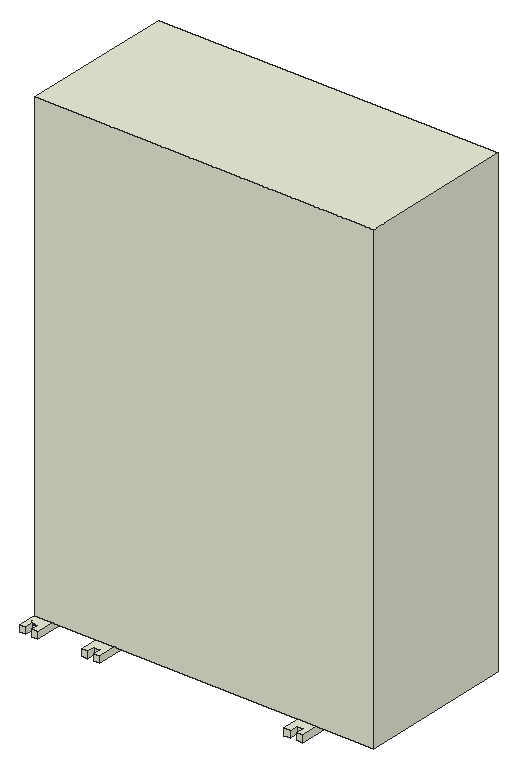
Revit family "Midea_VRF_Outdoor_Vi_MDVT-V280(335)WDGN1(50_60Hz)", category Mechanical Equipment, Revit 2013
Parameters (values of type "MDVT-V335W/DGN1")
  clearance access right = 300.000 mm
  clearance access left = 600.000 mm
  clearance access front = 300.000 mm
  clearance access behind = 300.000 mm
  clearance [instance] = no
  Width = 1120.000 mm
  URL = ""
  Series = "VRF"
  Power supply = "380-415V 3N~50Hz/60Hz"
  Net Weight = 157.00 kg
  Model = "MDVT-V335W/DGN1"
  Manufacturer = "Midea"
  Machine material = Galvanized Steel
  Liquid pipe Radius = 0.5 * Liquid pipe  # 6.350 mm
  Gas pipe Radius = 0.5 * Gas pipe  # 12.700 mm
  Casing color = SB2014
  MFA (Maximum Fuse Amps) = 32 A
  Liquid pipe = 12.700 mm
  Installation = "outdoor installation"
  Height = 1558.000 mm
  Heating Power Input = 9.2 kW
  Heating Capacity = 37.5 kW
  Gas pipe = 25.400 mm
  MCA (Minimum Circuit Amps) = 26.4 A
  Gas = "R410a"
  Description = "High efficiency air cooled"
  Depth = 528.000 mm
  Cooling Power Input = 9.2 kW
  Cooling Capacity = 33.5 kW
  Condensation = "air"
  Compressor = "1"
  Air Flow = 11300.000 m³/h
Reference planes
  plane 1 "中心(前/后)": y = 0
  plane 2: z = 0
  plane 3: x = -222
  plane 4: z = 1558
  plane 5: y = -200
  plane 6: y = 214
  plane 7: x = -599.5
Forms (mm)
  Extrusion 1, solid, material "Galvanized Steel" <- "Machine material", detail levels medium+fine
    sketch origin (0, 8.2, 0) x (1, 0, 0) y (0, 1, 0)
      loop
        line (-599.5, 0) -> (-599.5, -322.2) -> (520.5, -322.2) -> (520.5, 191.8) -> (-599.5, 191.8) -> (-599.5, 0)
    from 22 to 1558
  Extrusion 2, void
    sketch origin (0, 0, 116.036) x (0, 1, 0) y (0, 0, 1)
      loop
        circle (-159.19, 448.964) r 15
    from -294.069 to -246.534
  Extrusion 3, void
    sketch origin (0, 334.19, 121.386) x (0, 1, 0) y (0, 0, 1)
      loop
        circle (-173.453, 443.614) r 15
    from -391.559 to -333.913
  Extrusion 4, void
    sketch origin (0, 0, 140) x (-1, 0, 0) y (0, -1, 0)
      loop
        line (584.5, -171.443) -> (584.5, 181.377) -> (-491.5, 181.377) -> (-491.5, -171.443) -> (584.5, -171.443)
    from -105.206 to 1389
  Extrusion 5, solid, material "Galvanized Steel" <- "Machine material", detail levels medium+fine
    sketch origin (-868.7, -45.795, 165.026) x (0, 0, 1) y (-1, 0, 0)
      loop
        line (-143.026, -475) -> (-165.026, -475) -> (-165.026, -535) -> (-143.026, -535) -> (-143.026, -475)
    from -309.795 to 328.205
  Extrusion 6, void
    sketch origin (-868.7, 0, 0) x (0, 1, 0) y (1, 0, 0)
      loop
        line (270, 495) -> (270, 515) -> (247, 515) -> (247, 495) -> (270, 495)
    from -44.461 to 34
  Extrusion 7, void
    sketch origin (-868.7, 0, 0) x (0, 1, 0) y (1, 0, 0)
      loop
        line (-395, 495) -> (-349, 495) -> (-349, 515) -> (-395, 515) -> (-395, 495)
    from -44.461 to 34
  Extrusion 8, solid, material "Galvanized Steel" <- "Machine material", detail levels fine
    sketch origin (4267.2, 225, 1530.88) x (0, 0, -1) y (-1, 0, 0)
      loop
        line (627.963, 4348.7) -> (28.88, 4348.7) -> (28.88, 3775.7) -> (627.963, 3775.7) -> (627.963, 4348.7)
    from -25 to -11
  Extrusion 9, solid, material "Galvanized Steel" <- "Machine material", detail levels medium+fine
    sketch origin (-1074.5, -45.795, 165.026) x (0, 0, 1) y (-1, 0, 0)
      loop
        line (-143.026, -475) -> (-165.026, -475) -> (-165.026, -535) -> (-143.026, -535) -> (-143.026, -475)
    from -309.795 to 328.205
  Extrusion 10, void
    sketch origin (-1074.5, 0, 0) x (0, 1, 0) y (1, 0, 0)
      loop
        line (270, 495) -> (270, 515) -> (247, 515) -> (247, 495) -> (270, 495)
    from -44.461 to 34
  Extrusion 11, void
    sketch origin (-1074.5, 0, 0) x (0, 1, 0) y (1, 0, 0)
      loop
        line (-374, 495) -> (-349, 495) -> (-349, 515) -> (-374, 515) -> (-374, 495)
    from -44.461 to 34
  Extrusion 12, solid, material "SB2014" <- "Casing color", detail levels fine
    sketch origin (4267.2, 225, 141.12) x (0, 0, 1) y (1, 0, 0)
      loop
        line (1360.88, -4402.2) -> (-77.12, -4402.2) -> (-77.12, -4630.9) -> (72.88, -4630.9) -> (72.88, -4831.92) -> (1360.88, -4831.92) -> (1360.88, -4402.2)
    from -25 to -11
  Extrusion 13, void
    sketch origin (121.179, 250, 1200) x (-1, 0, 0) y (0, 0, 1)
      loop
        line (515.593, -452.375) -> (515.593, -517.121) -> (630.338, -517.121) -> (630.338, -452.375) -> (515.593, -452.375)
    from -50 to 88.894
  Extrusion 14, solid, material "Galvanized Steel" <- "Machine material", detail levels medium+fine
    sketch origin (809.3, -45.795, 165.026) x (0, 0, 1) y (-1, 0, 0)
      loop
        line (-143.026, 475) -> (-143.026, 535) -> (-165.026, 535) -> (-165.026, 475) -> (-143.026, 475)
    from -309.795 to 328.205
  Extrusion 15, void
    sketch origin (4621.5, -270, 989.604) x (0, 0, -1) y (-1, 0, 0)
      loop
        line (967.604, 4327.2) -> (967.604, 4307.2) -> (989.604, 4307.2) -> (989.604, 4327.2) -> (967.604, 4327.2)
    from -113.877 to -79
  Extrusion 16, void
    sketch origin (4252.7, -270, 989.604) x (0, 0, -1) y (-1, 0, 0)
      loop
        line (971.341, 4842.2) -> (971.341, 4802.2) -> (986.127, 4802.2) -> (986.127, 4842.2) -> (971.341, 4842.2)
    from -79 to 683.68
  Extrusion 17, void
    sketch origin (4621.5, -270, 989.604) x (0, 0, -1) y (-1, 0, 0)
      loop
        line (971.341, 4337.2) -> (971.341, 4297.2) -> (986.127, 4297.2) -> (986.127, 4337.2) -> (971.341, 4337.2)
    from 0 to 564.972
  Extrusion 18, void
    sketch origin (3398.5, -270, 989.604) x (0, 0, -1) y (-1, 0, 0)
      loop
        line (971.341, 3782.2) -> (971.341, 3742.2) -> (986.127, 3742.2) -> (986.127, 3782.2) -> (971.341, 3782.2)
    from 0 to 586.895
  Extrusion 19, solid, material "Galvanized Steel" <- "Machine material", detail levels fine
    sketch origin (4267.2, 225, 68.62) x (0, 0, 1) y (1, 0, 0)
      loop
        line (627.963, -4348.7) -> (627.963, -3775.7) -> (28.88, -3775.7) -> (28.88, -4348.7) -> (627.963, -4348.7)
    from -25 to -11
  Extrusion 20, void
    sketch origin (4621.5, 270, 989.604) x (0, 0, -1) y (1, 0, 0)
      loop
        line (967.604, -4327.2) -> (989.604, -4327.2) -> (989.604, -4307.2) -> (967.604, -4307.2) -> (967.604, -4327.2)
    from -33.404 to 23
  Extrusion 21, void
    sketch origin (0, -200, 22) x (0, 0, -1) y (-1, 0, 0)
      loop
        line (-725.625, 394.414) -> (-660.879, 394.414) -> (-660.879, 509.159) -> (-725.625, 509.159) -> (-725.625, 394.414)
    from -64 to 18.623
  Extrusion 22, solid, detail levels medium+fine
    sketch origin (-599.5, 0, 1558) x (0, 0, -1) y (0, 1, 0)
      loop
        circle (1398.461, -40) r 4.765
    from 0 to 34
  Extrusion 23, solid, detail levels medium+fine
    sketch origin (-599.5, 0, 1558) x (0, 0, -1) y (0, 1, 0)
      loop
        circle (1447.985, -40) r 9.55
    from 0 to 34
  Extrusion 24, solid, detail levels medium+fine
    sketch origin (-599.5, 41.781, 1607.793) x (0, 0, -1) y (0, 1, 0)
      loop
        circle (1447.985, -40) r 9.55
    from 0 to 34
Cuts and joins
  Extrusion 2, Extrusion 3, Extrusion 4, Extrusion 21 cuts Extrusion 1
  Extrusion 6, Extrusion 7, Extrusion 10, Extrusion 18 cuts Extrusion 5
  Extrusion 10, Extrusion 11, Extrusion 16 cuts Extrusion 9
  Extrusion 13 cuts Extrusion 12
  Extrusion 15, Extrusion 17, Extrusion 20 cuts Extrusion 14
Lines and regions (mm)
  symbolic lines, not visible
    curve 1: line (751.5, -283.6, 140) -> (631.5, -283.6, 140)
    curve 2: line (631.5, -283.6, 140) -> (631.5, -263.6, 140)
    curve 3: line (631.5, -263.6, 140) -> (589.074, -306.026, 140)
    curve 4: line (751.5, -328.453, 140) -> (631.5, -328.453, 140)
    curve 5: line (631.5, -328.453, 140) -> (631.5, -348.453, 140)
    curve 6: line (631.5, -348.453, 140) -> (589.074, -306.026, 140)
    curve 7: line (751.5, -283.6, 140) -> (751.5, -328.453, 140)
  model lines, detail levels fine
    curve 8: line (-599.5, 0, 518.191) -> (-599.5, 80, 518.191)
    curve 9: line (-599.5, 80, 518.191) -> (-599.5, 80, 218.191)
    curve 10: line (-599.5, 80, 218.191) -> (-599.5, -80, 218.191)
    curve 11: line (-599.5, -80, 218.191) -> (-599.5, -80, 518.191)
    curve 12: line (-599.5, -80, 518.191) -> (-599.5, 0, 518.191)
    curve 13: line (-599.5, -80, 498.191) -> (-599.5, 80, 498.191)
    curve 14: line (-599.5, -80, 478.191) -> (-599.5, 80, 478.191)
    curve 15: line (-599.5, -80, 458.191) -> (-599.5, 80, 458.191)
    curve 16: line (-599.5, -80, 438.191) -> (-599.5, 80, 438.191)
    curve 17: line (-599.5, -80, 418.191) -> (-599.5, 80, 418.191)
    curve 18: line (-599.5, -80, 398.191) -> (-599.5, 80, 398.191)
    curve 19: line (-599.5, -80, 378.191) -> (-599.5, 80, 378.191)
    curve 20: line (-599.5, -80, 358.191) -> (-599.5, 80, 358.191)
    curve 21: line (-599.5, -80, 338.191) -> (-599.5, 80, 338.191)
    curve 22: line (-599.5, -80, 318.191) -> (-599.5, 80, 318.191)
    curve 23: line (-599.5, -80, 298.191) -> (-599.5, 80, 298.191)
    curve 24: line (-599.5, -80, 278.191) -> (-599.5, 80, 278.191)
    curve 25: line (-599.5, -80, 258.191) -> (-599.5, 80, 258.191)
    curve 26: line (-599.5, -80, 238.191) -> (-599.5, 80, 238.191)
    curve 27: line (-599.5, -80, 218.191) -> (-599.5, 80, 218.191)
    curve 28: line (-599.5, 150.011, 180) -> (-599.5, 150.011, 64)
    curve 29: line (-599.5, 80, 180) -> (-599.5, 150.011, 180)
    curve 30: line (-599.5, 80, 64) -> (-599.5, 80, 180)
    curve 31: line (-599.5, 150.011, 64) -> (-599.5, 80, 64)
    curve 33: line (-438.5, 214, 1119.013) -> (-238.035, 214, 1003.275)
    curve 34: line (-455, 214, 1090.434) -> (-254.535, 214, 974.696)
    curve 35: arc (-455, 214, 1090.434) -> (-461.039, 214, 1112.974) -> (-438.5, 214, 1119.013) r 16.5
    curve 36: arc (-254.535, 214, 974.696) -> (-243.488, 214, 972.724) -> (-233.734, 214, 978.275) r 16.5
    curve 37: line (-233.734, 214, 978.275) -> (-194.247, 214, 955.477)
    curve 38: arc (-230.734, 214, 983.471) -> (-230.804, 214, 994.693) -> (-238.035, 214, 1003.275) r 16.5
    curve 39: line (-230.734, 214, 983.471) -> (-189.216, 214, 959.5)
    curve 40: circle (205, 214, 397) r 60 normal (0, -1, 0)
    curve 41: circle (205, 214, 397) r 80 normal (0, -1, 0)
    curve 42: circle (205, 214, 397) r 100 normal (0, -1, 0)
    curve 43: circle (205, 214, 397) r 120 normal (0, -1, 0)
    curve 44: circle (205, 214, 397) r 140 normal (0, -1, 0)
    curve 45: circle (205, 214, 397) r 160 normal (0, -1, 0)
    curve 46: circle (205, 214, 397) r 180 normal (0, -1, 0)
    curve 47: circle (205, 214, 397) r 200 normal (0, -1, 0)
    curve 48: circle (205, 214, 397) r 220 normal (0, -1, 0)
    curve 49: circle (205, 214, 397) r 240 normal (0, -1, 0)
    curve 50: circle (205, 214, 397) r 260 normal (0, -1, 0)
    curve 51: arc (271.982, 214, 125.13) -> (389.888, 214, 186.723) -> (466.063, 214, 295.777) r 280
    curve 52: arc (409.173, 214, 125.13) -> (439.478, 214, 150.789) -> (466.585, 214, 179.806) r 340
    curve 53: arc (156.323, 214, 432.079) -> (97.265, 214, 543.042) -> (113.864, 214, 667.641) r 205.533
    curve 54: arc (209.932, 214, 456.797) -> (249.977, 214, 572.528) -> (326.048, 214, 668.5) r 365
    curve 55: arc (240.079, 214, 445.677) -> (345.721, 214, 503.703) -> (465.73, 214, 492.524) r 205.533
    curve 56: arc (264.797, 214, 392.068) -> (374.078, 214, 355.477) -> (466.504, 214, 286.638) r 365
    curve 57: arc (169.921, 214, 348.323) -> (62.005, 214, 289.838) -> (-60, 214, 303.29) r 205.533
    curve 58: arc (145.203, 214, 401.932) -> (33.502, 214, 439.799) -> (-60.292, 214, 511.31) r 365
    curve 59: arc (332.623, 214, 125.5) -> (409.353, 214, 177.364) -> (466.607, 214, 250.161) r 300
    curve 60: arc (-60.433, 214, 184.526) -> (-31.461, 214, 152.692) -> (1.301, 214, 124.774) r 340
    curve 61: arc (-60.381, 214, 218.191) -> (-17.011, 214, 166.542) -> (36.22, 214, 125.13) r 320
    curve 62: arc (-60, 214, 256.376) -> (-3.218, 214, 181.025) -> (74.16, 214, 127.035) r 300
    curve 63: arc (0.335, 214, 668.5) -> (-31.296, 214, 641.467) -> (-59.388, 214, 610.773) r 340
    curve 64: arc (35.625, 214, 668.5) -> (-17.018, 214, 627.451) -> (-60, 214, 576.374) r 320
    curve 65: arc (77.377, 214, 668.5) -> (-1.638, 214, 614.487) -> (-59.62, 214, 538.338) r 300
    curve 66: arc (136.533, 214, 668.5) -> (14.771, 214, 602.458) -> (-60.434, 214, 486.132) r 280
    curve 67: arc (465.164, 214, 615.894) -> (438.898, 214, 643.762) -> (409.665, 214, 668.5) r 340
    curve 68: arc (466.063, 214, 582.057) -> (424.516, 214, 629.836) -> (374.375, 214, 668.5) r 320
    curve 69: arc (466.063, 214, 544.804) -> (408.947, 214, 617.013) -> (332.623, 214, 668.5) r 300
    curve 70: arc (466.063, 214, 498.223) -> (390.462, 214, 606.771) -> (273.467, 214, 668.5) r 280
    curve 71: arc (-60, 214, 306.584) -> (15.832, 214, 190.565) -> (138.018, 214, 125.13) r 280
    curve 72: arc (200.068, 214, 337.203) -> (160.117, 214, 221.642) -> (84.241, 214, 125.76) r 365
    curve 73: line (466.063, 214, 125.13) -> (-60, 214, 125.13)
    curve 74: line (-60, 214, 125.13) -> (-60, 214, 668.5)
    curve 75: arc (384.26, 214, 131.923) -> (428.767, 214, 168.246) -> (466.063, 214, 211.943) r 320
    curve 76: line (466.063, 214, 125.13) -> (466.063, 214, 668.5)
    curve 77: line (466.063, 214, 668.5) -> (-60, 214, 668.5)
    curve 78: arc (234.916, 214, 344.99) -> (292.286, 214, 242.391) -> (284.044, 214, 125.13) r 205.533
    curve 79: circle (205, 214, 1199.791) r 60 normal (0, 1, 0)
    curve 80: circle (205, 214, 1199.791) r 80 normal (0, 1, 0)
    curve 81: circle (205, 214, 1199.791) r 100 normal (0, 1, 0)
    curve 82: circle (205, 214, 1199.791) r 120 normal (0, 1, 0)
    curve 83: circle (205, 214, 1199.791) r 140 normal (0, 1, 0)
    curve 84: circle (205, 214, 1199.791) r 160 normal (0, 1, 0)
    curve 85: circle (205, 214, 1199.791) r 180 normal (0, 1, 0)
    curve 86: circle (205, 214, 1199.791) r 200 normal (0, 1, 0)
    curve 87: circle (205, 214, 1199.791) r 220 normal (0, 1, 0)
    curve 88: circle (205, 214, 1199.791) r 240 normal (0, 1, 0)
    curve 89: circle (205, 214, 1199.791) r 260 normal (0, 1, 0)
    curve 90: arc (271.982, 214, 1471.661) -> (389.888, 214, 1410.068) -> (466.063, 214, 1301.014) r 280
    curve 91: arc (409.173, 214, 1471.661) -> (439.478, 214, 1446.002) -> (466.585, 214, 1416.985) r 340
    curve 92: arc (156.323, 214, 1164.712) -> (97.265, 214, 1053.749) -> (113.864, 214, 929.15) r 205.533
    curve 93: arc (209.932, 214, 1139.994) -> (249.977, 214, 1024.263) -> (326.048, 214, 928.291) r 365
    curve 94: arc (240.079, 214, 1151.114) -> (345.721, 214, 1093.088) -> (465.73, 214, 1104.267) r 205.533
    curve 95: arc (264.797, 214, 1204.722) -> (374.078, 214, 1241.314) -> (466.504, 214, 1310.153) r 365
    curve 96: arc (169.921, 214, 1248.468) -> (62.005, 214, 1306.953) -> (-60, 214, 1293.501) r 205.533
    curve 97: arc (145.203, 214, 1194.859) -> (33.502, 214, 1156.992) -> (-60.292, 214, 1085.481) r 365
    curve 98: arc (332.623, 214, 1471.291) -> (409.353, 214, 1419.426) -> (466.607, 214, 1346.63) r 300
    curve 99: arc (-60.433, 214, 1412.265) -> (-31.461, 214, 1444.099) -> (1.301, 214, 1472.017) r 340
    curve 100: arc (-60.381, 214, 1378.6) -> (-17.011, 214, 1430.249) -> (36.22, 214, 1471.661) r 320
    curve 101: arc (-60, 214, 1340.415) -> (-3.218, 214, 1415.766) -> (74.16, 214, 1469.756) r 300
    curve 102: arc (0.335, 214, 928.291) -> (-31.296, 214, 955.324) -> (-59.388, 214, 986.018) r 340
    curve 103: arc (35.625, 214, 928.291) -> (-17.018, 214, 969.339) -> (-60, 214, 1020.417) r 320
    curve 104: arc (77.377, 214, 928.291) -> (-1.638, 214, 982.304) -> (-59.62, 214, 1058.453) r 300
    curve 105: arc (136.533, 214, 928.291) -> (14.771, 214, 994.333) -> (-60.434, 214, 1110.659) r 280
    curve 106: arc (465.164, 214, 980.897) -> (438.898, 214, 953.029) -> (409.665, 214, 928.291) r 340
    curve 107: arc (466.063, 214, 1014.734) -> (424.516, 214, 966.955) -> (374.375, 214, 928.291) r 320
    curve 108: arc (466.063, 214, 1051.987) -> (408.947, 214, 979.778) -> (332.623, 214, 928.291) r 300
    curve 109: arc (466.063, 214, 1098.568) -> (390.462, 214, 990.02) -> (273.467, 214, 928.291) r 280
    curve 110: arc (-60, 214, 1290.207) -> (15.832, 214, 1406.226) -> (138.018, 214, 1471.661) r 280
    curve 111: arc (200.068, 214, 1259.588) -> (160.117, 214, 1375.149) -> (84.241, 214, 1471.031) r 365
    curve 112: line (466.063, 214, 1471.661) -> (-60, 214, 1471.661)
    curve 113: line (-60, 214, 1471.661) -> (-60, 214, 928.291)
    curve 114: arc (384.26, 214, 1464.868) -> (428.767, 214, 1428.544) -> (466.063, 214, 1384.848) r 320
    curve 115: line (466.063, 214, 1471.661) -> (466.063, 214, 928.291)
    curve 116: line (466.063, 214, 928.291) -> (-60, 214, 928.291)
    curve 117: arc (234.916, 214, 1251.801) -> (292.286, 214, 1354.4) -> (284.044, 214, 1471.661) r 205.533
    curve 118: line (491.5, 200, 843.732) -> (346.5, 200, 843.732)
    curve 119: line (491.5, 200, 755.768) -> (491.5, 200, 843.732)
    curve 120: line (346.5, 200, 755.768) -> (491.5, 200, 755.768)
    curve 121: line (346.5, 200, 843.732) -> (346.5, 200, 755.768)
    curve 122: line (287.279, 200, 817.219) -> (-81.5, 200, 817.219)
    curve 123: line (287.279, 200, 782.281) -> (287.279, 200, 817.219)
    curve 124: line (-81.5, 200, 782.281) -> (287.279, 200, 782.281)
    curve 125: line (-81.5, 200, 817.219) -> (-81.5, 200, 782.281)
    curve 126: line (-438.5, 214, 1244.013) -> (-238.035, 214, 1128.275)
    curve 127: line (-455, 214, 1215.434) -> (-254.535, 214, 1099.696)
    curve 128: arc (-455, 214, 1215.434) -> (-461.039, 214, 1237.974) -> (-438.5, 214, 1244.013) r 16.5
    curve 129: line (-438.5, 214, 1369.013) -> (-238.035, 214, 1253.275)
    curve 130: line (-455, 214, 1340.434) -> (-254.535, 214, 1224.696)
    curve 131: arc (-455, 214, 1340.434) -> (-461.039, 214, 1362.974) -> (-438.5, 214, 1369.013) r 16.5
    curve 132: arc (-238.035, 214, 1253.275) -> (-231.996, 214, 1230.735) -> (-254.535, 214, 1224.696) r 16.5
    curve 133: arc (-238.035, 214, 1128.275) -> (-231.996, 214, 1105.735) -> (-254.535, 214, 1099.696) r 16.5
    curve 134: line (-438.5, 214, 480.487) -> (-238.035, 214, 596.225)
    curve 135: line (-455, 214, 509.066) -> (-254.535, 214, 624.804)
    curve 136: arc (-455, 214, 509.066) -> (-461.039, 214, 486.526) -> (-438.5, 214, 480.487) r 16.5
    curve 137: arc (-254.535, 214, 624.804) -> (-243.488, 214, 626.776) -> (-233.734, 214, 621.225) r 16.5
    curve 138: line (-233.734, 214, 621.225) -> (-194.247, 214, 644.023)
    curve 139: arc (-230.734, 214, 616.029) -> (-230.804, 214, 604.807) -> (-238.035, 214, 596.225) r 16.5
    curve 140: line (-230.734, 214, 616.029) -> (-189.216, 214, 640)
    curve 141: line (-438.5, 214, 355.487) -> (-238.035, 214, 471.225)
    curve 142: line (-455, 214, 384.066) -> (-254.535, 214, 499.804)
    curve 143: arc (-455, 214, 384.066) -> (-461.039, 214, 361.526) -> (-438.5, 214, 355.487) r 16.5
    curve 144: line (-438.5, 214, 230.487) -> (-238.035, 214, 346.225)
    curve 145: line (-455, 214, 259.066) -> (-254.535, 214, 374.804)
    curve 146: arc (-455, 214, 259.066) -> (-461.039, 214, 236.526) -> (-438.5, 214, 230.487) r 16.5
    curve 147: arc (-238.035, 214, 346.225) -> (-231.996, 214, 368.765) -> (-254.535, 214, 374.804) r 16.5
    curve 148: arc (-238.035, 214, 471.225) -> (-231.996, 214, 493.765) -> (-254.535, 214, 499.804) r 16.5
    curve 149: line (-194.247, 214, 955.477) -> (-194.247, 214, 644.023)
    curve 150: line (-189.216, 214, 959.5) -> (-189.216, 214, 640)
    curve 151: line (-599.5, 20, 929.15) -> (-599.5, 20, 1472.017)
    curve 152: line (-599.5, -20, 1472.017) -> (-599.5, -20, 929.15)
    curve 153: line (-599.5, 80, 929.15) -> (-599.5, 80, 1472.017)
    curve 154: line (-599.5, 40, 1472.017) -> (-599.5, 40, 929.15)
    curve 155: arc (-599.5, -20, 1472.017) -> (-599.5, 0, 1492.017) -> (-599.5, 20, 1472.017) r 20
    curve 156: arc (-599.5, 40, 1472.017) -> (-599.5, 60, 1492.017) -> (-599.5, 80, 1472.017) r 20
    curve 157: arc (-599.5, 40, 929.15) -> (-599.5, 60, 909.15) -> (-599.5, 80, 929.15) r 20
    curve 158: arc (-599.5, -20, 929.15) -> (-599.5, 0, 909.15) -> (-599.5, 20, 929.15) r 20
    curve 159: line (-599.5, -80, 929.15) -> (-599.5, -80, 1472.017)
    curve 160: line (-599.5, -40, 1472.017) -> (-599.5, -40, 929.15)
    curve 161: arc (-599.5, -40, 1472.017) -> (-599.5, -60, 1492.017) -> (-599.5, -80, 1472.017) r 20
    curve 162: arc (-599.5, -40, 929.15) -> (-599.5, -60, 909.15) -> (-599.5, -80, 929.15) r 20
  reference lines
    curve 32: line (-579.5, 250, 0) -> (-579.5, 247, 0)
  model lines
    curve 163: circle (-599.5, -40, 110.015) r 12.7 normal (1, 0, 0)
    curve 164: line (520.5, 200, 1558) -> (520.5, -314, 1558)
    curve 165: line (520.5, -314, 1558) -> (-599.5, -314, 1558)
    curve 166: line (-599.5, -314, 1558) -> (-599.5, 200, 1558)
    curve 167: line (520.5, -314, 22) -> (520.5, 200, 22)
    curve 168: line (-599.5, 200, 22) -> (-599.5, -314, 22)
    curve 169: line (-599.5, -314, 22) -> (520.5, -314, 22)
    curve 170: line (-599.5, 200, 22) -> (520.5, 200, 22)
    curve 171: line (-599.5, 200, 1558) -> (520.5, 200, 1558)
    curve 172: line (-599.5, 200, 1558) -> (-599.5, 200, 22)
    curve 173: line (-599.5, -314, 22) -> (-599.5, -314, 1558)
    curve 174: line (520.5, 200, 1558) -> (520.5, 200, 22)
    curve 175: line (520.5, -314, 1558) -> (520.5, -314, 22)
Dimensions and locks
  "Width": cut or joined group of Extrusion 1, Extrusion 2, Extrusion 3, Extrusion 4, Extrusion 21 to cut or joined group of Extrusion 1, Extrusion 2, Extrusion 3, Extrusion 4, Extrusion 21
  cut or joined group of Extrusion 1, Extrusion 2, Extrusion 3, Extrusion 4, Extrusion 21 to cut or joined group of Extrusion 1, Extrusion 2, Extrusion 3, Extrusion 4, Extrusion 21 = 1120.000 mm
  plane 4 to plane 2 = 1558.000 mm
  "Height": cut or joined group of Extrusion 14, Extrusion 15, Extrusion 17, Extrusion 20 to cut or joined group of Extrusion 1, Extrusion 2, Extrusion 3, Extrusion 4, Extrusion 21
  "Depth": cut or joined group of Extrusion 1, Extrusion 2, Extrusion 3, Extrusion 4, Extrusion 21 to nested 1
  nested 1 to nested 1 = 300.000 mm
  nested 3 to nested 3 = 300.000 mm
  "clearance access left": nested 4 to cut or joined group of Extrusion 1, Extrusion 2, Extrusion 3, Extrusion 4, Extrusion 21
  "clearance access behind": nested 2 to cut or joined group of Extrusion 1, Extrusion 2, Extrusion 3, Extrusion 4, Extrusion 21
  "Gas pipe": diameter of curve 163
  diameter of Extrusion 22 = 9.530 mm
  aligned and locked: level to plane 2
Automatic sketch dimensions
  Extrusion 1 sketch curve to plane 7 = 0.000 mm
  plane 5 to Extrusion 1 sketch curve = 114.000 mm
  Extrusion 1 sketch curve to plane 1 "中心(前/后)" = 8.200 mm
  Extrusion 1 sketch curve to plane 3 = 742.500 mm
  Extrusion 2 sketch curve to plane 5 = 40.810 mm
  level to Extrusion 2 sketch curve = 565.000 mm
  level to Extrusion 3 sketch curve = 565.000 mm
  Extrusion 4 sketch curve to plane 3 = 713.500 mm
  Extrusion 4 sketch curve to plane 5 = 18.623 mm
  plane 7 to Extrusion 4 sketch curve = 15.000 mm
  Extrusion 5 sketch curve to level = 0.000 mm
  level to Extrusion 5 sketch curve = 22.000 mm
  plane 3 to Extrusion 5 sketch curve = 111.700 mm
  Extrusion 5 sketch curve to Extrusion 5 sketch curve = 60.000 mm
  Extrusion 6 sketch curve to plane 6 = 33.000 mm
  Extrusion 6 sketch curve to plane 6 = 56.000 mm
  plane 3 to Extrusion 6 sketch curve = 131.700 mm
  Extrusion 6 sketch curve to Extrusion 6 sketch curve = 20.000 mm
  plane 5 to Extrusion 7 sketch curve = 195.000 mm
  plane 3 to Extrusion 7 sketch curve = 131.700 mm
  Extrusion 7 sketch curve to Extrusion 7 sketch curve = 46.000 mm
  Extrusion 7 sketch curve to Extrusion 7 sketch curve = 20.000 mm
  plane 7 to curve 32 = 20.000 mm
  curve 32 to plane 6 = 33.000 mm
  curve 32 to curve 32 = 3.000 mm
  plane 4 to Extrusion 8 sketch curve = 56.000 mm
  Extrusion 8 sketch curve to plane 3 = 713.500 mm
  Extrusion 8 sketch curve to plane 3 = 140.500 mm
  Extrusion 8 sketch curve to Extrusion 8 sketch curve = 599.082 mm
  Extrusion 9 sketch curve to level = 0.000 mm
  plane 7 to Extrusion 9 sketch curve = 0.000 mm
  level to Extrusion 9 sketch curve = 22.000 mm
  plane 7 to Extrusion 9 sketch curve = 60.000 mm
  Extrusion 10 sketch curve to plane 6 = 33.000 mm
  plane 7 to Extrusion 10 sketch curve = 40.000 mm
  Extrusion 10 sketch curve to Extrusion 10 sketch curve = 23.000 mm
  plane 7 to Extrusion 10 sketch curve = 20.000 mm
  plane 7 to Extrusion 11 sketch curve = 20.000 mm
  plane 5 to Extrusion 11 sketch curve = 174.000 mm
  plane 7 to Extrusion 11 sketch curve = 40.000 mm
  Extrusion 11 sketch curve to Extrusion 11 sketch curve = 25.000 mm
  level to Extrusion 12 sketch curve = 64.000 mm
  plane 7 to Extrusion 12 sketch curve = 34.780 mm
  Extrusion 12 sketch curve to Extrusion 12 sketch curve = 150.000 mm
  plane 4 to Extrusion 12 sketch curve = 56.000 mm
  plane 3 to Extrusion 12 sketch curve = 141.700 mm
  Extrusion 12 sketch curve to plane 3 = 87.000 mm
  plane 3 to Extrusion 13 sketch curve = 172.414 mm
  level to Extrusion 13 sketch curve = 682.879 mm
  plane 7 to Extrusion 13 sketch curve = 90.341 mm
  Extrusion 13 sketch curve to Extrusion 13 sketch curve = 64.746 mm
  Extrusion 14 sketch curve to level = 0.000 mm
  Extrusion 14 sketch curve to plane 3 = 556.300 mm
  level to Extrusion 14 sketch curve = 22.000 mm
  Extrusion 14 sketch curve to Extrusion 14 sketch curve = 60.000 mm
  Extrusion 15 sketch curve to level = 0.000 mm
  Extrusion 15 sketch curve to level = 22.000 mm
  plane 3 to Extrusion 15 sketch curve = 516.300 mm
  Extrusion 15 sketch curve to Extrusion 15 sketch curve = 20.000 mm
  Extrusion 16 sketch curve to level = 18.263 mm
  Extrusion 16 sketch curve to level = 3.477 mm
  Extrusion 16 sketch curve to plane 7 = 10.000 mm
  Extrusion 16 sketch curve to Extrusion 16 sketch curve = 40.000 mm
  Extrusion 17 sketch curve to level = 18.263 mm
  Extrusion 17 sketch curve to level = 3.477 mm
  plane 3 to Extrusion 17 sketch curve = 506.300 mm
  Extrusion 17 sketch curve to Extrusion 17 sketch curve = 40.000 mm
  Extrusion 18 sketch curve to level = 18.263 mm
  Extrusion 18 sketch curve to level = 3.477 mm
  Extrusion 18 sketch curve to plane 3 = 161.700 mm
  Extrusion 18 sketch curve to Extrusion 18 sketch curve = 40.000 mm
  level to Extrusion 19 sketch curve = 97.500 mm
  Extrusion 19 sketch curve to plane 3 = 140.500 mm
  Extrusion 19 sketch curve to Extrusion 19 sketch curve = 599.082 mm
  Extrusion 19 sketch curve to Extrusion 19 sketch curve = 573.000 mm
  curve 8 to plane 1 "中心(前/后)" = 0.000 mm
  level to curve 8 = 518.191 mm
  plane 1 "中心(前/后)" to curve 11 = 80.000 mm
  level to curve 11 = 218.191 mm
  curve 27 to curve 29 = 38.191 mm
  level to curve 31 = 64.000 mm
  curve 8 to curve 13 = 20.000 mm
  curve 13 to curve 14 = 20.000 mm
  curve 14 to curve 15 = 20.000 mm
  curve 15 to curve 16 = 20.000 mm
  curve 16 to curve 17 = 20.000 mm
  curve 17 to curve 18 = 20.000 mm
  curve 18 to curve 19 = 20.000 mm
  curve 19 to curve 20 = 20.000 mm
  curve 20 to curve 21 = 20.000 mm
  curve 21 to curve 22 = 20.000 mm
  curve 22 to curve 23 = 20.000 mm
  curve 23 to curve 24 = 20.000 mm
  curve 24 to curve 25 = 20.000 mm
  curve 26 to curve 10 = 20.000 mm
  curve 8 to plane 1 "中心(前/后)" = 80.000 mm
  curve 30 to curve 27 = 0.000 mm
  Extrusion 20 sketch curve to level = 0.000 mm
  level to Extrusion 20 sketch curve = 22.000 mm
  Extrusion 20 sketch curve to plane 3 = 516.300 mm
  Extrusion 20 sketch curve to Extrusion 20 sketch curve = 20.000 mm
  curve 36 to curve 38 = 0.000 mm  (x2)
  curve 40 to curve 41 = 0.000 mm  (x2)
  curve 40 to curve 42 = 0.000 mm  (x2)
  curve 40 to curve 43 = 0.000 mm  (x2)
  curve 40 to curve 44 = 0.000 mm  (x2)
  curve 40 to curve 45 = 0.000 mm  (x2)
  curve 40 to curve 46 = 0.000 mm  (x2)
  curve 40 to curve 47 = 0.000 mm  (x2)
  curve 40 to curve 48 = 0.000 mm  (x2)
  curve 40 to curve 49 = 0.000 mm  (x2)
  curve 40 to curve 50 = 0.000 mm  (x2)
  curve 40 to curve 51 = 0.000 mm  (x2)
  curve 40 to curve 52 = 0.000 mm  (x2)
  curve 40 to curve 59 = 0.000 mm  (x2)
  curve 40 to curve 60 = 0.000 mm  (x2)
  curve 40 to curve 61 = 0.000 mm  (x2)
  curve 40 to curve 62 = 0.000 mm  (x2)
  curve 40 to curve 63 = 0.000 mm  (x2)
  curve 40 to curve 64 = 0.000 mm  (x2)
  curve 40 to curve 65 = 0.000 mm  (x2)
  curve 40 to curve 66 = 0.000 mm  (x2)
  curve 40 to curve 67 = 0.000 mm  (x2)
  curve 40 to curve 68 = 0.000 mm  (x2)
  curve 40 to curve 69 = 0.000 mm  (x2)
  curve 40 to curve 70 = 0.000 mm  (x2)
  curve 40 to curve 71 = 0.000 mm  (x2)
  curve 40 to curve 75 = 0.000 mm  (x2)
  curve 41 to curve 42 = 0.000 mm  (x2)
  curve 41 to curve 43 = 0.000 mm  (x2)
  curve 41 to curve 44 = 0.000 mm  (x2)
  curve 41 to curve 45 = 0.000 mm  (x2)
  curve 41 to curve 46 = 0.000 mm  (x2)
  curve 41 to curve 47 = 0.000 mm  (x2)
  curve 41 to curve 48 = 0.000 mm  (x2)
  curve 41 to curve 49 = 0.000 mm  (x2)
  curve 41 to curve 50 = 0.000 mm  (x2)
  curve 41 to curve 51 = 0.000 mm  (x2)
  curve 41 to curve 52 = 0.000 mm  (x2)
  curve 41 to curve 59 = 0.000 mm  (x2)
  curve 41 to curve 60 = 0.000 mm  (x2)
  curve 41 to curve 61 = 0.000 mm  (x2)
  curve 41 to curve 62 = 0.000 mm  (x2)
  curve 41 to curve 63 = 0.000 mm  (x2)
  curve 41 to curve 64 = 0.000 mm  (x2)
  curve 41 to curve 65 = 0.000 mm  (x2)
  curve 41 to curve 66 = 0.000 mm  (x2)
  curve 41 to curve 67 = 0.000 mm  (x2)
  curve 41 to curve 68 = 0.000 mm  (x2)
  curve 41 to curve 69 = 0.000 mm  (x2)
  curve 41 to curve 70 = 0.000 mm  (x2)
  curve 41 to curve 71 = 0.000 mm  (x2)
  curve 41 to curve 75 = 0.000 mm  (x2)
  curve 42 to curve 43 = 0.000 mm  (x2)
  curve 42 to curve 44 = 0.000 mm  (x2)
  curve 42 to curve 45 = 0.000 mm  (x2)
  curve 42 to curve 46 = 0.000 mm  (x2)
  curve 42 to curve 47 = 0.000 mm  (x2)
  curve 42 to curve 48 = 0.000 mm  (x2)
  curve 42 to curve 49 = 0.000 mm  (x2)
  curve 42 to curve 50 = 0.000 mm  (x2)
  curve 42 to curve 51 = 0.000 mm  (x2)
  curve 42 to curve 52 = 0.000 mm  (x2)
  curve 42 to curve 59 = 0.000 mm  (x2)
  curve 42 to curve 60 = 0.000 mm  (x2)
  curve 42 to curve 61 = 0.000 mm  (x2)
  curve 42 to curve 62 = 0.000 mm  (x2)
  curve 42 to curve 63 = 0.000 mm  (x2)
  curve 42 to curve 64 = 0.000 mm  (x2)
  curve 42 to curve 65 = 0.000 mm  (x2)
  curve 42 to curve 66 = 0.000 mm  (x2)
  curve 42 to curve 67 = 0.000 mm  (x2)
  curve 42 to curve 68 = 0.000 mm  (x2)
  curve 42 to curve 69 = 0.000 mm  (x2)
  curve 42 to curve 70 = 0.000 mm  (x2)
  curve 42 to curve 71 = 0.000 mm  (x2)
  curve 42 to curve 75 = 0.000 mm  (x2)
  curve 43 to curve 44 = 0.000 mm  (x2)
  curve 43 to curve 45 = 0.000 mm  (x2)
  curve 43 to curve 46 = 0.000 mm  (x2)
  curve 43 to curve 47 = 0.000 mm  (x2)
  curve 43 to curve 48 = 0.000 mm  (x2)
  curve 43 to curve 49 = 0.000 mm  (x2)
  curve 43 to curve 50 = 0.000 mm  (x2)
  curve 43 to curve 51 = 0.000 mm  (x2)
  curve 43 to curve 52 = 0.000 mm  (x2)
  curve 43 to curve 59 = 0.000 mm  (x2)
  curve 43 to curve 60 = 0.000 mm  (x2)
  curve 43 to curve 61 = 0.000 mm  (x2)
  curve 43 to curve 62 = 0.000 mm  (x2)
  curve 43 to curve 63 = 0.000 mm  (x2)
  curve 43 to curve 64 = 0.000 mm  (x2)
  curve 43 to curve 65 = 0.000 mm  (x2)
  curve 43 to curve 66 = 0.000 mm  (x2)
  curve 43 to curve 67 = 0.000 mm  (x2)
  curve 43 to curve 68 = 0.000 mm  (x2)
  curve 43 to curve 69 = 0.000 mm  (x2)
  curve 43 to curve 70 = 0.000 mm  (x2)
  curve 43 to curve 71 = 0.000 mm  (x2)
  curve 43 to curve 75 = 0.000 mm  (x2)
  curve 44 to curve 45 = 0.000 mm  (x2)
  curve 44 to curve 46 = 0.000 mm  (x2)
  curve 44 to curve 47 = 0.000 mm  (x2)
  curve 44 to curve 48 = 0.000 mm  (x2)
  curve 44 to curve 49 = 0.000 mm  (x2)
  curve 44 to curve 50 = 0.000 mm  (x2)
  curve 44 to curve 51 = 0.000 mm  (x2)
  curve 44 to curve 52 = 0.000 mm  (x2)
  curve 44 to curve 59 = 0.000 mm  (x2)
  curve 44 to curve 60 = 0.000 mm  (x2)
  curve 44 to curve 61 = 0.000 mm  (x2)
  curve 44 to curve 62 = 0.000 mm  (x2)
  curve 44 to curve 63 = 0.000 mm  (x2)
  curve 44 to curve 64 = 0.000 mm  (x2)
  curve 44 to curve 65 = 0.000 mm  (x2)
  curve 44 to curve 66 = 0.000 mm  (x2)
  curve 44 to curve 67 = 0.000 mm  (x2)
  curve 44 to curve 68 = 0.000 mm  (x2)
  curve 44 to curve 69 = 0.000 mm  (x2)
  curve 44 to curve 70 = 0.000 mm  (x2)
  curve 44 to curve 71 = 0.000 mm  (x2)
  curve 44 to curve 75 = 0.000 mm  (x2)
  curve 45 to curve 46 = 0.000 mm  (x2)
  curve 45 to curve 47 = 0.000 mm  (x2)
  curve 45 to curve 48 = 0.000 mm  (x2)
  curve 45 to curve 49 = 0.000 mm  (x2)
  curve 45 to curve 50 = 0.000 mm  (x2)
  curve 45 to curve 51 = 0.000 mm  (x2)
  curve 45 to curve 52 = 0.000 mm  (x2)
  curve 45 to curve 59 = 0.000 mm  (x2)
  curve 45 to curve 60 = 0.000 mm  (x2)
  curve 45 to curve 61 = 0.000 mm  (x2)
  curve 45 to curve 62 = 0.000 mm  (x2)
  curve 45 to curve 63 = 0.000 mm  (x2)
  curve 45 to curve 64 = 0.000 mm  (x2)
  curve 45 to curve 65 = 0.000 mm  (x2)
  curve 45 to curve 66 = 0.000 mm  (x2)
  curve 45 to curve 67 = 0.000 mm  (x2)
  curve 45 to curve 68 = 0.000 mm  (x2)
  curve 45 to curve 69 = 0.000 mm  (x2)
  curve 45 to curve 70 = 0.000 mm  (x2)
  curve 45 to curve 71 = 0.000 mm  (x2)
  curve 45 to curve 75 = 0.000 mm  (x2)
  curve 46 to curve 47 = 0.000 mm  (x2)
  curve 46 to curve 48 = 0.000 mm  (x2)
  curve 46 to curve 49 = 0.000 mm  (x2)
  curve 46 to curve 50 = 0.000 mm  (x2)
  curve 46 to curve 51 = 0.000 mm  (x2)
  curve 46 to curve 52 = 0.000 mm  (x2)
  curve 46 to curve 59 = 0.000 mm  (x2)
  curve 46 to curve 60 = 0.000 mm  (x2)
  curve 46 to curve 61 = 0.000 mm  (x2)
  curve 46 to curve 62 = 0.000 mm  (x2)
  curve 46 to curve 63 = 0.000 mm  (x2)
  curve 46 to curve 64 = 0.000 mm  (x2)
  curve 46 to curve 65 = 0.000 mm  (x2)
  curve 46 to curve 66 = 0.000 mm  (x2)
  curve 46 to curve 67 = 0.000 mm  (x2)
  curve 46 to curve 68 = 0.000 mm  (x2)
  curve 46 to curve 69 = 0.000 mm  (x2)
  curve 46 to curve 70 = 0.000 mm  (x2)
  curve 46 to curve 71 = 0.000 mm  (x2)
  curve 46 to curve 75 = 0.000 mm  (x2)
  curve 47 to curve 48 = 0.000 mm  (x2)
  curve 47 to curve 49 = 0.000 mm  (x2)
  curve 47 to curve 50 = 0.000 mm  (x2)
  curve 47 to curve 51 = 0.000 mm  (x2)
  curve 47 to curve 52 = 0.000 mm  (x2)
  curve 47 to curve 59 = 0.000 mm  (x2)
  curve 47 to curve 60 = 0.000 mm  (x2)
  curve 47 to curve 61 = 0.000 mm  (x2)
  curve 47 to curve 62 = 0.000 mm  (x2)
  curve 47 to curve 63 = 0.000 mm  (x2)
  curve 47 to curve 64 = 0.000 mm  (x2)
  curve 47 to curve 65 = 0.000 mm  (x2)
  curve 47 to curve 66 = 0.000 mm  (x2)
  curve 47 to curve 67 = 0.000 mm  (x2)
  curve 47 to curve 68 = 0.000 mm  (x2)
  curve 47 to curve 69 = 0.000 mm  (x2)
  curve 47 to curve 70 = 0.000 mm  (x2)
  curve 47 to curve 71 = 0.000 mm  (x2)
  curve 47 to curve 75 = 0.000 mm  (x2)
  curve 48 to curve 49 = 0.000 mm  (x2)
  curve 48 to curve 50 = 0.000 mm  (x2)
  curve 48 to curve 51 = 0.000 mm  (x2)
  curve 48 to curve 52 = 0.000 mm  (x2)
  curve 48 to curve 59 = 0.000 mm  (x2)
  curve 48 to curve 60 = 0.000 mm  (x2)
  curve 48 to curve 61 = 0.000 mm  (x2)
  curve 48 to curve 62 = 0.000 mm  (x2)
  curve 48 to curve 63 = 0.000 mm  (x2)
  curve 48 to curve 64 = 0.000 mm  (x2)
  curve 48 to curve 65 = 0.000 mm  (x2)
  curve 48 to curve 66 = 0.000 mm  (x2)
  curve 48 to curve 67 = 0.000 mm  (x2)
  curve 48 to curve 68 = 0.000 mm  (x2)
  curve 48 to curve 69 = 0.000 mm  (x2)
  curve 48 to curve 70 = 0.000 mm  (x2)
  curve 48 to curve 71 = 0.000 mm  (x2)
  curve 48 to curve 75 = 0.000 mm  (x2)
  curve 49 to curve 50 = 0.000 mm  (x2)
  curve 49 to curve 51 = 0.000 mm  (x2)
  curve 49 to curve 52 = 0.000 mm  (x2)
  curve 49 to curve 59 = 0.000 mm  (x2)
  curve 49 to curve 60 = 0.000 mm  (x2)
  curve 49 to curve 61 = 0.000 mm  (x2)
  curve 49 to curve 62 = 0.000 mm  (x2)
  curve 49 to curve 63 = 0.000 mm  (x2)
  curve 49 to curve 64 = 0.000 mm  (x2)
  curve 49 to curve 65 = 0.000 mm  (x2)
  curve 49 to curve 66 = 0.000 mm  (x2)
  curve 49 to curve 67 = 0.000 mm  (x2)
  curve 49 to curve 68 = 0.000 mm  (x2)
  curve 49 to curve 69 = 0.000 mm  (x2)
  curve 49 to curve 70 = 0.000 mm  (x2)
  curve 49 to curve 71 = 0.000 mm  (x2)
  curve 49 to curve 75 = 0.000 mm  (x2)
  curve 50 to curve 51 = 0.000 mm  (x2)
  curve 50 to curve 52 = 0.000 mm  (x2)
  curve 50 to curve 59 = 0.000 mm  (x2)
  curve 50 to curve 60 = 0.000 mm  (x2)
  curve 50 to curve 61 = 0.000 mm  (x2)
  curve 50 to curve 62 = 0.000 mm  (x2)
  curve 50 to curve 63 = 0.000 mm  (x2)
  curve 50 to curve 64 = 0.000 mm  (x2)
  curve 50 to curve 65 = 0.000 mm  (x2)
  curve 50 to curve 66 = 0.000 mm  (x2)
  curve 50 to curve 67 = 0.000 mm  (x2)
  curve 50 to curve 68 = 0.000 mm  (x2)
  curve 50 to curve 69 = 0.000 mm  (x2)
  curve 50 to curve 70 = 0.000 mm  (x2)
  curve 50 to curve 71 = 0.000 mm  (x2)
  curve 50 to curve 75 = 0.000 mm  (x2)
  curve 51 to curve 52 = 0.000 mm  (x2)
  curve 51 to curve 59 = 0.000 mm  (x2)
  curve 51 to curve 60 = 0.000 mm  (x2)
  curve 51 to curve 61 = 0.000 mm  (x2)
  curve 51 to curve 62 = 0.000 mm  (x2)
  curve 51 to curve 63 = 0.000 mm  (x2)
  curve 51 to curve 64 = 0.000 mm  (x2)
  curve 51 to curve 65 = 0.000 mm  (x2)
  curve 51 to curve 66 = 0.000 mm  (x2)
  curve 51 to curve 67 = 0.000 mm  (x2)
  curve 51 to curve 68 = 0.000 mm  (x2)
  curve 51 to curve 69 = 0.000 mm  (x2)
  curve 51 to curve 70 = 0.000 mm  (x2)
  curve 51 to curve 71 = 0.000 mm  (x2)
  curve 51 to curve 75 = 0.000 mm  (x2)
  curve 52 to curve 59 = 0.000 mm  (x2)
  curve 52 to curve 60 = 0.000 mm  (x2)
  curve 52 to curve 61 = 0.000 mm  (x2)
  curve 52 to curve 62 = 0.000 mm  (x2)
  curve 52 to curve 63 = 0.000 mm  (x2)
  curve 52 to curve 64 = 0.000 mm  (x2)
  curve 52 to curve 65 = 0.000 mm  (x2)
  curve 52 to curve 66 = 0.000 mm  (x2)
  curve 52 to curve 67 = 0.000 mm  (x2)
  curve 52 to curve 68 = 0.000 mm  (x2)
  curve 52 to curve 69 = 0.000 mm  (x2)
  curve 52 to curve 70 = 0.000 mm  (x2)
  curve 52 to curve 71 = 0.000 mm  (x2)
  curve 52 to curve 75 = 0.000 mm  (x2)
  curve 59 to curve 60 = 0.000 mm  (x2)
  curve 59 to curve 61 = 0.000 mm  (x2)
  curve 59 to curve 62 = 0.000 mm  (x2)
  curve 59 to curve 63 = 0.000 mm  (x2)
  curve 59 to curve 64 = 0.000 mm  (x2)
  curve 59 to curve 65 = 0.000 mm  (x2)
  curve 59 to curve 66 = 0.000 mm  (x2)
  curve 59 to curve 67 = 0.000 mm  (x2)
  curve 59 to curve 68 = 0.000 mm  (x2)
  curve 59 to curve 69 = 0.000 mm  (x2)
  curve 59 to curve 70 = 0.000 mm  (x2)
  curve 59 to curve 71 = 0.000 mm  (x2)
  curve 59 to curve 75 = 0.000 mm  (x2)
  curve 60 to curve 61 = 0.000 mm  (x2)
  curve 60 to curve 62 = 0.000 mm  (x2)
  curve 60 to curve 63 = 0.000 mm  (x2)
  curve 60 to curve 64 = 0.000 mm  (x2)
  curve 60 to curve 65 = 0.000 mm  (x2)
  curve 60 to curve 66 = 0.000 mm  (x2)
  curve 60 to curve 67 = 0.000 mm  (x2)
  curve 60 to curve 68 = 0.000 mm  (x2)
  curve 60 to curve 69 = 0.000 mm  (x2)
  curve 60 to curve 70 = 0.000 mm  (x2)
  curve 60 to curve 71 = 0.000 mm  (x2)
  curve 60 to curve 75 = 0.000 mm  (x2)
  curve 61 to curve 62 = 0.000 mm  (x2)
  curve 61 to curve 63 = 0.000 mm  (x2)
  curve 61 to curve 64 = 0.000 mm  (x2)
  curve 61 to curve 65 = 0.000 mm  (x2)
  curve 61 to curve 66 = 0.000 mm  (x2)
  curve 61 to curve 67 = 0.000 mm  (x2)
  curve 61 to curve 68 = 0.000 mm  (x2)
  curve 61 to curve 69 = 0.000 mm  (x2)
  curve 61 to curve 70 = 0.000 mm  (x2)
  curve 61 to curve 71 = 0.000 mm  (x2)
  curve 61 to curve 75 = 0.000 mm  (x2)
  curve 62 to curve 63 = 0.000 mm  (x2)
  curve 62 to curve 64 = 0.000 mm  (x2)
  curve 62 to curve 65 = 0.000 mm  (x2)
  curve 62 to curve 66 = 0.000 mm  (x2)
  curve 62 to curve 67 = 0.000 mm  (x2)
  curve 62 to curve 68 = 0.000 mm  (x2)
  curve 62 to curve 69 = 0.000 mm  (x2)
  curve 62 to curve 70 = 0.000 mm  (x2)
  curve 62 to curve 71 = 0.000 mm  (x2)
  curve 62 to curve 75 = 0.000 mm  (x2)
  curve 63 to curve 64 = 0.000 mm  (x2)
  curve 63 to curve 65 = 0.000 mm  (x2)
  curve 63 to curve 66 = 0.000 mm  (x2)
  curve 63 to curve 67 = 0.000 mm  (x2)
  curve 63 to curve 68 = 0.000 mm  (x2)
  curve 63 to curve 69 = 0.000 mm  (x2)
  curve 63 to curve 70 = 0.000 mm  (x2)
  curve 63 to curve 71 = 0.000 mm  (x2)
  curve 63 to curve 75 = 0.000 mm  (x2)
  curve 64 to curve 65 = 0.000 mm  (x2)
  curve 64 to curve 66 = 0.000 mm  (x2)
  curve 64 to curve 67 = 0.000 mm  (x2)
  curve 64 to curve 68 = 0.000 mm  (x2)
  curve 64 to curve 69 = 0.000 mm  (x2)
  curve 64 to curve 70 = 0.000 mm  (x2)
  curve 64 to curve 71 = 0.000 mm  (x2)
  curve 64 to curve 75 = 0.000 mm  (x2)
  curve 65 to curve 66 = 0.000 mm  (x2)
  curve 65 to curve 67 = 0.000 mm  (x2)
  curve 65 to curve 68 = 0.000 mm  (x2)
  curve 65 to curve 69 = 0.000 mm  (x2)
  curve 65 to curve 70 = 0.000 mm  (x2)
  curve 65 to curve 71 = 0.000 mm  (x2)
  curve 65 to curve 75 = 0.000 mm  (x2)
  curve 66 to curve 67 = 0.000 mm  (x2)
  curve 66 to curve 68 = 0.000 mm  (x2)
  curve 66 to curve 69 = 0.000 mm  (x2)
  curve 66 to curve 70 = 0.000 mm  (x2)
  curve 66 to curve 71 = 0.000 mm  (x2)
  curve 66 to curve 75 = 0.000 mm  (x2)
  curve 67 to curve 68 = 0.000 mm  (x2)
  curve 67 to curve 69 = 0.000 mm  (x2)
  curve 67 to curve 70 = 0.000 mm  (x2)
  curve 67 to curve 71 = 0.000 mm  (x2)
  curve 67 to curve 75 = 0.000 mm  (x2)
  curve 68 to curve 69 = 0.000 mm  (x2)
  curve 68 to curve 70 = 0.000 mm  (x2)
  curve 68 to curve 71 = 0.000 mm  (x2)
  curve 68 to curve 75 = 0.000 mm  (x2)
  curve 69 to curve 70 = 0.000 mm  (x2)
  curve 69 to curve 71 = 0.000 mm  (x2)
  curve 69 to curve 75 = 0.000 mm  (x2)
  curve 70 to curve 71 = 0.000 mm  (x2)
  curve 70 to curve 75 = 0.000 mm  (x2)
  curve 71 to curve 75 = 0.000 mm  (x2)
  curve 79 to curve 80 = 0.000 mm  (x2)
  curve 79 to curve 81 = 0.000 mm  (x2)
  curve 79 to curve 82 = 0.000 mm  (x2)
  curve 79 to curve 83 = 0.000 mm  (x2)
  curve 79 to curve 84 = 0.000 mm  (x2)
  curve 79 to curve 85 = 0.000 mm  (x2)
  curve 79 to curve 86 = 0.000 mm  (x2)
  curve 79 to curve 87 = 0.000 mm  (x2)
  curve 79 to curve 88 = 0.000 mm  (x2)
  curve 79 to curve 89 = 0.000 mm  (x2)
  curve 79 to curve 90 = 0.000 mm  (x2)
  curve 79 to curve 91 = 0.000 mm  (x2)
  curve 79 to curve 98 = 0.000 mm  (x2)
  curve 79 to curve 99 = 0.000 mm  (x2)
  curve 79 to curve 100 = 0.000 mm  (x2)
  curve 79 to curve 101 = 0.000 mm  (x2)
  curve 79 to curve 102 = 0.000 mm  (x2)
  curve 79 to curve 103 = 0.000 mm  (x2)
  curve 79 to curve 104 = 0.000 mm  (x2)
  curve 79 to curve 105 = 0.000 mm  (x2)
  curve 79 to curve 106 = 0.000 mm  (x2)
  curve 79 to curve 107 = 0.000 mm  (x2)
  curve 79 to curve 108 = 0.000 mm  (x2)
  curve 79 to curve 109 = 0.000 mm  (x2)
  curve 79 to curve 110 = 0.000 mm  (x2)
  curve 79 to curve 114 = 0.000 mm  (x2)
  curve 80 to curve 81 = 0.000 mm  (x2)
  curve 80 to curve 82 = 0.000 mm  (x2)
  curve 80 to curve 83 = 0.000 mm  (x2)
  curve 80 to curve 84 = 0.000 mm  (x2)
  curve 80 to curve 85 = 0.000 mm  (x2)
  curve 80 to curve 86 = 0.000 mm  (x2)
  curve 80 to curve 87 = 0.000 mm  (x2)
  curve 80 to curve 88 = 0.000 mm  (x2)
  curve 80 to curve 89 = 0.000 mm  (x2)
  curve 80 to curve 90 = 0.000 mm  (x2)
  curve 80 to curve 91 = 0.000 mm  (x2)
  curve 80 to curve 98 = 0.000 mm  (x2)
  curve 80 to curve 99 = 0.000 mm  (x2)
  curve 80 to curve 100 = 0.000 mm  (x2)
  curve 80 to curve 101 = 0.000 mm  (x2)
  curve 80 to curve 102 = 0.000 mm  (x2)
  curve 80 to curve 103 = 0.000 mm  (x2)
  curve 80 to curve 104 = 0.000 mm  (x2)
  curve 80 to curve 105 = 0.000 mm  (x2)
  curve 80 to curve 106 = 0.000 mm  (x2)
  curve 80 to curve 107 = 0.000 mm  (x2)
  curve 80 to curve 108 = 0.000 mm  (x2)
  curve 80 to curve 109 = 0.000 mm  (x2)
  curve 80 to curve 110 = 0.000 mm  (x2)
  curve 80 to curve 114 = 0.000 mm  (x2)
  curve 81 to curve 82 = 0.000 mm  (x2)
  curve 81 to curve 83 = 0.000 mm  (x2)
  curve 81 to curve 84 = 0.000 mm  (x2)
  curve 81 to curve 85 = 0.000 mm  (x2)
  curve 81 to curve 86 = 0.000 mm  (x2)
  curve 81 to curve 87 = 0.000 mm  (x2)
  curve 81 to curve 88 = 0.000 mm  (x2)
  curve 81 to curve 89 = 0.000 mm  (x2)
  curve 81 to curve 90 = 0.000 mm  (x2)
  curve 81 to curve 91 = 0.000 mm  (x2)
  curve 81 to curve 98 = 0.000 mm  (x2)
  curve 81 to curve 99 = 0.000 mm  (x2)
  curve 81 to curve 100 = 0.000 mm  (x2)
  curve 81 to curve 101 = 0.000 mm  (x2)
  curve 81 to curve 102 = 0.000 mm  (x2)
  curve 81 to curve 103 = 0.000 mm  (x2)
  curve 81 to curve 104 = 0.000 mm  (x2)
  curve 81 to curve 105 = 0.000 mm  (x2)
  curve 81 to curve 106 = 0.000 mm  (x2)
  curve 81 to curve 107 = 0.000 mm  (x2)
  curve 81 to curve 108 = 0.000 mm  (x2)
  curve 81 to curve 109 = 0.000 mm  (x2)
  curve 81 to curve 110 = 0.000 mm  (x2)
  curve 81 to curve 114 = 0.000 mm  (x2)
  curve 82 to curve 83 = 0.000 mm  (x2)
  curve 82 to curve 84 = 0.000 mm  (x2)
  curve 82 to curve 85 = 0.000 mm  (x2)
  curve 82 to curve 86 = 0.000 mm  (x2)
  curve 82 to curve 87 = 0.000 mm  (x2)
  curve 82 to curve 88 = 0.000 mm  (x2)
  curve 82 to curve 89 = 0.000 mm  (x2)
  curve 82 to curve 90 = 0.000 mm  (x2)
  curve 82 to curve 91 = 0.000 mm  (x2)
  curve 82 to curve 98 = 0.000 mm  (x2)
  curve 82 to curve 99 = 0.000 mm  (x2)
  curve 82 to curve 100 = 0.000 mm  (x2)
  curve 82 to curve 101 = 0.000 mm  (x2)
  curve 82 to curve 102 = 0.000 mm  (x2)
  curve 82 to curve 103 = 0.000 mm  (x2)
  curve 82 to curve 104 = 0.000 mm  (x2)
  curve 82 to curve 105 = 0.000 mm  (x2)
  curve 82 to curve 106 = 0.000 mm  (x2)
  curve 82 to curve 107 = 0.000 mm  (x2)
  curve 82 to curve 108 = 0.000 mm  (x2)
  curve 82 to curve 109 = 0.000 mm  (x2)
  curve 82 to curve 110 = 0.000 mm  (x2)
  curve 82 to curve 114 = 0.000 mm  (x2)
  curve 83 to curve 84 = 0.000 mm  (x2)
  curve 83 to curve 85 = 0.000 mm  (x2)
  curve 83 to curve 86 = 0.000 mm  (x2)
  curve 83 to curve 87 = 0.000 mm  (x2)
  curve 83 to curve 88 = 0.000 mm  (x2)
  curve 83 to curve 89 = 0.000 mm  (x2)
  curve 83 to curve 90 = 0.000 mm  (x2)
  curve 83 to curve 91 = 0.000 mm  (x2)
  curve 83 to curve 98 = 0.000 mm  (x2)
  curve 83 to curve 99 = 0.000 mm  (x2)
  curve 83 to curve 100 = 0.000 mm  (x2)
  curve 83 to curve 101 = 0.000 mm  (x2)
  curve 83 to curve 102 = 0.000 mm  (x2)
  curve 83 to curve 103 = 0.000 mm  (x2)
  curve 83 to curve 104 = 0.000 mm  (x2)
  curve 83 to curve 105 = 0.000 mm  (x2)
  curve 83 to curve 106 = 0.000 mm  (x2)
  curve 83 to curve 107 = 0.000 mm  (x2)
  curve 83 to curve 108 = 0.000 mm  (x2)
  curve 83 to curve 109 = 0.000 mm  (x2)
  curve 83 to curve 110 = 0.000 mm  (x2)
  curve 83 to curve 114 = 0.000 mm  (x2)
  curve 84 to curve 85 = 0.000 mm  (x2)
  curve 84 to curve 86 = 0.000 mm  (x2)
  curve 84 to curve 87 = 0.000 mm  (x2)
  curve 84 to curve 88 = 0.000 mm  (x2)
  curve 84 to curve 89 = 0.000 mm  (x2)
  curve 84 to curve 90 = 0.000 mm  (x2)
  curve 84 to curve 91 = 0.000 mm  (x2)
  curve 84 to curve 98 = 0.000 mm  (x2)
  curve 84 to curve 99 = 0.000 mm  (x2)
  curve 84 to curve 100 = 0.000 mm  (x2)
  curve 84 to curve 101 = 0.000 mm  (x2)
  curve 84 to curve 102 = 0.000 mm  (x2)
  curve 84 to curve 103 = 0.000 mm  (x2)
  curve 84 to curve 104 = 0.000 mm  (x2)
  curve 84 to curve 105 = 0.000 mm  (x2)
  curve 84 to curve 106 = 0.000 mm  (x2)
  curve 84 to curve 107 = 0.000 mm  (x2)
  curve 84 to curve 108 = 0.000 mm  (x2)
  curve 84 to curve 109 = 0.000 mm  (x2)
  curve 84 to curve 110 = 0.000 mm  (x2)
  curve 84 to curve 114 = 0.000 mm  (x2)
  curve 85 to curve 86 = 0.000 mm  (x2)
  curve 85 to curve 87 = 0.000 mm  (x2)
  curve 85 to curve 88 = 0.000 mm  (x2)
  curve 85 to curve 89 = 0.000 mm  (x2)
  curve 85 to curve 90 = 0.000 mm  (x2)
  curve 85 to curve 91 = 0.000 mm  (x2)
  curve 85 to curve 98 = 0.000 mm  (x2)
  curve 85 to curve 99 = 0.000 mm  (x2)
  curve 85 to curve 100 = 0.000 mm  (x2)
  curve 85 to curve 101 = 0.000 mm  (x2)
  curve 85 to curve 102 = 0.000 mm  (x2)
  curve 85 to curve 103 = 0.000 mm  (x2)
  curve 85 to curve 104 = 0.000 mm  (x2)
  curve 85 to curve 105 = 0.000 mm  (x2)
  curve 85 to curve 106 = 0.000 mm  (x2)
  curve 85 to curve 107 = 0.000 mm  (x2)
  curve 85 to curve 108 = 0.000 mm  (x2)
  curve 85 to curve 109 = 0.000 mm  (x2)
  curve 85 to curve 110 = 0.000 mm  (x2)
  curve 85 to curve 114 = 0.000 mm  (x2)
  curve 86 to curve 87 = 0.000 mm  (x2)
  curve 86 to curve 88 = 0.000 mm  (x2)
  curve 86 to curve 89 = 0.000 mm  (x2)
  curve 86 to curve 90 = 0.000 mm  (x2)
  curve 86 to curve 91 = 0.000 mm  (x2)
  curve 86 to curve 98 = 0.000 mm  (x2)
  curve 86 to curve 99 = 0.000 mm  (x2)
  curve 86 to curve 100 = 0.000 mm  (x2)
  curve 86 to curve 101 = 0.000 mm  (x2)
  curve 86 to curve 102 = 0.000 mm  (x2)
  curve 86 to curve 103 = 0.000 mm  (x2)
  curve 86 to curve 104 = 0.000 mm  (x2)
  curve 86 to curve 105 = 0.000 mm  (x2)
  curve 86 to curve 106 = 0.000 mm  (x2)
  curve 86 to curve 107 = 0.000 mm  (x2)
  curve 86 to curve 108 = 0.000 mm  (x2)
  curve 86 to curve 109 = 0.000 mm  (x2)
  curve 86 to curve 110 = 0.000 mm  (x2)
  curve 86 to curve 114 = 0.000 mm  (x2)
  curve 87 to curve 88 = 0.000 mm  (x2)
  curve 87 to curve 89 = 0.000 mm  (x2)
  curve 87 to curve 90 = 0.000 mm  (x2)
  curve 87 to curve 91 = 0.000 mm  (x2)
  curve 87 to curve 98 = 0.000 mm  (x2)
  curve 87 to curve 99 = 0.000 mm  (x2)
  curve 87 to curve 100 = 0.000 mm  (x2)
  curve 87 to curve 101 = 0.000 mm  (x2)
  curve 87 to curve 102 = 0.000 mm  (x2)
  curve 87 to curve 103 = 0.000 mm  (x2)
  curve 87 to curve 104 = 0.000 mm  (x2)
  curve 87 to curve 105 = 0.000 mm  (x2)
  curve 87 to curve 106 = 0.000 mm  (x2)
  curve 87 to curve 107 = 0.000 mm  (x2)
  curve 87 to curve 108 = 0.000 mm  (x2)
  curve 87 to curve 109 = 0.000 mm  (x2)
  curve 87 to curve 110 = 0.000 mm  (x2)
  curve 87 to curve 114 = 0.000 mm  (x2)
  curve 88 to curve 89 = 0.000 mm  (x2)
  curve 88 to curve 90 = 0.000 mm  (x2)
  curve 88 to curve 91 = 0.000 mm  (x2)
  curve 88 to curve 98 = 0.000 mm  (x2)
  curve 88 to curve 99 = 0.000 mm  (x2)
  curve 88 to curve 100 = 0.000 mm  (x2)
  curve 88 to curve 101 = 0.000 mm  (x2)
  curve 88 to curve 102 = 0.000 mm  (x2)
  curve 88 to curve 103 = 0.000 mm  (x2)
  curve 88 to curve 104 = 0.000 mm  (x2)
  curve 88 to curve 105 = 0.000 mm  (x2)
  curve 88 to curve 106 = 0.000 mm  (x2)
  curve 88 to curve 107 = 0.000 mm  (x2)
  curve 88 to curve 108 = 0.000 mm  (x2)
  curve 88 to curve 109 = 0.000 mm  (x2)
  curve 88 to curve 110 = 0.000 mm  (x2)
  curve 88 to curve 114 = 0.000 mm  (x2)
  curve 89 to curve 90 = 0.000 mm  (x2)
  curve 89 to curve 91 = 0.000 mm  (x2)
  curve 89 to curve 98 = 0.000 mm  (x2)
  curve 89 to curve 99 = 0.000 mm  (x2)
  curve 89 to curve 100 = 0.000 mm  (x2)
  curve 89 to curve 101 = 0.000 mm  (x2)
  curve 89 to curve 102 = 0.000 mm  (x2)
  curve 89 to curve 103 = 0.000 mm  (x2)
  curve 89 to curve 104 = 0.000 mm  (x2)
  curve 89 to curve 105 = 0.000 mm  (x2)
  curve 89 to curve 106 = 0.000 mm  (x2)
  curve 89 to curve 107 = 0.000 mm  (x2)
  curve 89 to curve 108 = 0.000 mm  (x2)
  curve 89 to curve 109 = 0.000 mm  (x2)
  curve 89 to curve 110 = 0.000 mm  (x2)
